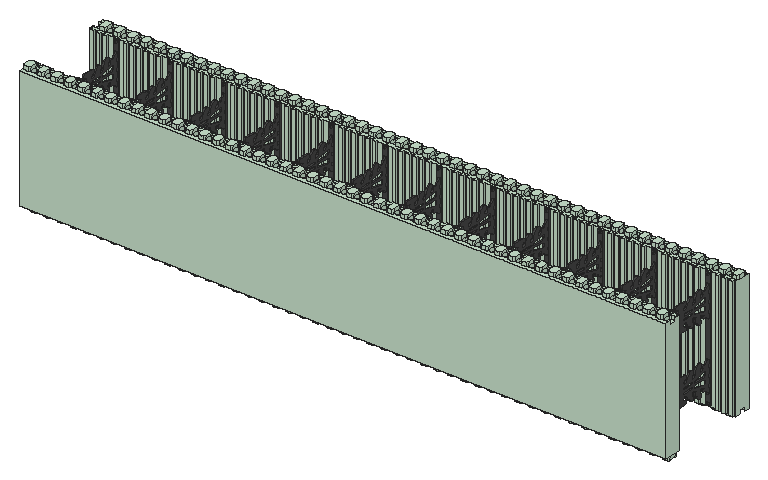
Revit family (continued)
Forms (mm)
  Extrusion 108, void
    sketch origin (558.8, -50.718, 0) x (-1, 0, 0) y (0, -1, 0)
      loop
        line (25.4, 124.411) -> (25.4, 101.014)
        arc (25.4, 101.014) -> (26.615, 97.278) -> (29.796, 94.972) r 6.35
        arc (29.796, 94.972) -> (36.091, 93.737) -> (42.5, 94.024) r 26.988
        arc (42.5, 94.024) -> (43.786, 93.668) -> (44.346, 92.457) r 1.587
        line (44.346, 92.457) -> (44.346, 86.829) -> (48.685, 86.829) -> (48.685, 95.62)
        arc (48.685, 95.62) -> (48.795, 96.199) -> (49.108, 96.698) r 1.588
        arc (49.108, 96.698) -> (50.362, 98.696) -> (50.8, 101.014) r 6.35
        line (50.8, 101.014) -> (50.8, 124.411)
        arc (50.8, 124.411) -> (49.585, 128.147) -> (46.404, 130.453) r 6.35
        arc (46.404, 130.453) -> (38.1, 131.763) -> (29.796, 130.453) r 26.987
        arc (29.796, 130.453) -> (26.615, 128.147) -> (25.4, 124.411) r 6.35
    from 0 to 12.7
  Extrusion 109, void
    sketch origin (609.6, -50.718, 0) x (-1, 0, 0) y (0, -1, 0)
      loop
        line (25.4, 124.411) -> (25.4, 101.014)
        arc (25.4, 101.014) -> (26.615, 97.278) -> (29.796, 94.972) r 6.35
        arc (29.796, 94.972) -> (36.091, 93.737) -> (42.5, 94.024) r 26.988
        arc (42.5, 94.024) -> (43.786, 93.668) -> (44.346, 92.457) r 1.587
        line (44.346, 92.457) -> (44.346, 86.829) -> (48.685, 86.829) -> (48.685, 95.62)
        arc (48.685, 95.62) -> (48.795, 96.199) -> (49.108, 96.698) r 1.588
        arc (49.108, 96.698) -> (50.362, 98.696) -> (50.8, 101.014) r 6.35
        line (50.8, 101.014) -> (50.8, 124.411)
        arc (50.8, 124.411) -> (49.585, 128.147) -> (46.404, 130.453) r 6.35
        arc (46.404, 130.453) -> (38.1, 131.763) -> (29.796, 130.453) r 26.987
        arc (29.796, 130.453) -> (26.615, 128.147) -> (25.4, 124.411) r 6.35
    from 0 to 12.7
  Extrusion 110, void
    sketch origin (660.4, -50.718, 0) x (-1, 0, 0) y (0, -1, 0)
      loop
        line (25.4, 124.411) -> (25.4, 101.014)
        arc (25.4, 101.014) -> (26.615, 97.278) -> (29.796, 94.972) r 6.35
        arc (29.796, 94.972) -> (36.091, 93.737) -> (42.5, 94.024) r 26.988
        arc (42.5, 94.024) -> (43.786, 93.668) -> (44.346, 92.457) r 1.587
        line (44.346, 92.457) -> (44.346, 86.829) -> (48.685, 86.829) -> (48.685, 95.62)
        arc (48.685, 95.62) -> (48.795, 96.199) -> (49.108, 96.698) r 1.588
        arc (49.108, 96.698) -> (50.362, 98.696) -> (50.8, 101.014) r 6.35
        line (50.8, 101.014) -> (50.8, 124.411)
        arc (50.8, 124.411) -> (49.585, 128.147) -> (46.404, 130.453) r 6.35
        arc (46.404, 130.453) -> (38.1, 131.763) -> (29.796, 130.453) r 26.987
        arc (29.796, 130.453) -> (26.615, 128.147) -> (25.4, 124.411) r 6.35
    from 0 to 12.7
  Extrusion 111, void
    sketch origin (711.2, -50.718, 0) x (-1, 0, 0) y (0, -1, 0)
      loop
        line (25.4, 124.411) -> (25.4, 101.014)
        arc (25.4, 101.014) -> (26.615, 97.278) -> (29.796, 94.972) r 6.35
        arc (29.796, 94.972) -> (36.091, 93.737) -> (42.5, 94.024) r 26.988
        arc (42.5, 94.024) -> (43.786, 93.668) -> (44.346, 92.457) r 1.587
        line (44.346, 92.457) -> (44.346, 86.829) -> (48.685, 86.829) -> (48.685, 95.62)
        arc (48.685, 95.62) -> (48.795, 96.199) -> (49.108, 96.698) r 1.588
        arc (49.108, 96.698) -> (50.362, 98.696) -> (50.8, 101.014) r 6.35
        line (50.8, 101.014) -> (50.8, 124.411)
        arc (50.8, 124.411) -> (49.585, 128.147) -> (46.404, 130.453) r 6.35
        arc (46.404, 130.453) -> (38.1, 131.763) -> (29.796, 130.453) r 26.987
        arc (29.796, 130.453) -> (26.615, 128.147) -> (25.4, 124.411) r 6.35
    from 0 to 12.7
  Extrusion 112, void
    sketch origin (762, -50.718, 0) x (-1, 0, 0) y (0, -1, 0)
      loop
        line (25.4, 124.411) -> (25.4, 101.014)
        arc (25.4, 101.014) -> (26.615, 97.278) -> (29.796, 94.972) r 6.35
        arc (29.796, 94.972) -> (36.091, 93.737) -> (42.5, 94.024) r 26.988
        arc (42.5, 94.024) -> (43.786, 93.668) -> (44.346, 92.457) r 1.587
        line (44.346, 92.457) -> (44.346, 86.829) -> (48.685, 86.829) -> (48.685, 95.62)
        arc (48.685, 95.62) -> (48.795, 96.199) -> (49.108, 96.698) r 1.588
        arc (49.108, 96.698) -> (50.362, 98.696) -> (50.8, 101.014) r 6.35
        line (50.8, 101.014) -> (50.8, 124.411)
        arc (50.8, 124.411) -> (49.585, 128.147) -> (46.404, 130.453) r 6.35
        arc (46.404, 130.453) -> (38.1, 131.763) -> (29.796, 130.453) r 26.987
        arc (29.796, 130.453) -> (26.615, 128.147) -> (25.4, 124.411) r 6.35
    from 0 to 12.7
  Extrusion 113, void
    sketch origin (812.8, -50.718, 0) x (-1, 0, 0) y (0, -1, 0)
      loop
        line (25.4, 124.411) -> (25.4, 101.014)
        arc (25.4, 101.014) -> (26.615, 97.278) -> (29.796, 94.972) r 6.35
        arc (29.796, 94.972) -> (36.091, 93.737) -> (42.5, 94.024) r 26.988
        arc (42.5, 94.024) -> (43.786, 93.668) -> (44.346, 92.457) r 1.587
        line (44.346, 92.457) -> (44.346, 86.829) -> (48.685, 86.829) -> (48.685, 95.62)
        arc (48.685, 95.62) -> (48.795, 96.199) -> (49.108, 96.698) r 1.588
        arc (49.108, 96.698) -> (50.362, 98.696) -> (50.8, 101.014) r 6.35
        line (50.8, 101.014) -> (50.8, 124.411)
        arc (50.8, 124.411) -> (49.585, 128.147) -> (46.404, 130.453) r 6.35
        arc (46.404, 130.453) -> (38.1, 131.763) -> (29.796, 130.453) r 26.987
        arc (29.796, 130.453) -> (26.615, 128.147) -> (25.4, 124.411) r 6.35
    from 0 to 12.7
  Extrusion 114, void
    sketch origin (863.6, -50.718, 0) x (-1, 0, 0) y (0, -1, 0)
      loop
        line (25.4, 124.411) -> (25.4, 101.014)
        arc (25.4, 101.014) -> (26.615, 97.278) -> (29.796, 94.972) r 6.35
        arc (29.796, 94.972) -> (36.091, 93.737) -> (42.5, 94.024) r 26.988
        arc (42.5, 94.024) -> (43.786, 93.668) -> (44.346, 92.457) r 1.587
        line (44.346, 92.457) -> (44.346, 86.829) -> (48.685, 86.829) -> (48.685, 95.62)
        arc (48.685, 95.62) -> (48.795, 96.199) -> (49.108, 96.698) r 1.588
        arc (49.108, 96.698) -> (50.362, 98.696) -> (50.8, 101.014) r 6.35
        line (50.8, 101.014) -> (50.8, 124.411)
        arc (50.8, 124.411) -> (49.585, 128.147) -> (46.404, 130.453) r 6.35
        arc (46.404, 130.453) -> (38.1, 131.763) -> (29.796, 130.453) r 26.987
        arc (29.796, 130.453) -> (26.615, 128.147) -> (25.4, 124.411) r 6.35
    from 0 to 12.7
  Extrusion 115, void
    sketch origin (914.4, -50.718, 0) x (-1, 0, 0) y (0, -1, 0)
      loop
        line (25.4, 124.411) -> (25.4, 101.014)
        arc (25.4, 101.014) -> (26.615, 97.278) -> (29.796, 94.972) r 6.35
        arc (29.796, 94.972) -> (36.091, 93.737) -> (42.5, 94.024) r 26.988
        arc (42.5, 94.024) -> (43.786, 93.668) -> (44.346, 92.457) r 1.587
        line (44.346, 92.457) -> (44.346, 86.829) -> (48.685, 86.829) -> (48.685, 95.62)
        arc (48.685, 95.62) -> (48.795, 96.199) -> (49.108, 96.698) r 1.588
        arc (49.108, 96.698) -> (50.362, 98.696) -> (50.8, 101.014) r 6.35
        line (50.8, 101.014) -> (50.8, 124.411)
        arc (50.8, 124.411) -> (49.585, 128.147) -> (46.404, 130.453) r 6.35
        arc (46.404, 130.453) -> (38.1, 131.763) -> (29.796, 130.453) r 26.987
        arc (29.796, 130.453) -> (26.615, 128.147) -> (25.4, 124.411) r 6.35
    from 0 to 12.7
  Extrusion 116, void
    sketch origin (965.2, -50.718, 0) x (-1, 0, 0) y (0, -1, 0)
      loop
        line (25.4, 124.411) -> (25.4, 101.014)
        arc (25.4, 101.014) -> (26.615, 97.278) -> (29.796, 94.972) r 6.35
        arc (29.796, 94.972) -> (36.091, 93.737) -> (42.5, 94.024) r 26.988
        arc (42.5, 94.024) -> (43.786, 93.668) -> (44.346, 92.457) r 1.587
        line (44.346, 92.457) -> (44.346, 86.829) -> (48.685, 86.829) -> (48.685, 95.62)
        arc (48.685, 95.62) -> (48.795, 96.199) -> (49.108, 96.698) r 1.588
        arc (49.108, 96.698) -> (50.362, 98.696) -> (50.8, 101.014) r 6.35
        line (50.8, 101.014) -> (50.8, 124.411)
        arc (50.8, 124.411) -> (49.585, 128.147) -> (46.404, 130.453) r 6.35
        arc (46.404, 130.453) -> (38.1, 131.763) -> (29.796, 130.453) r 26.987
        arc (29.796, 130.453) -> (26.615, 128.147) -> (25.4, 124.411) r 6.35
    from 0 to 12.7
  Extrusion 117, void
    sketch origin (1016, -50.718, 0) x (-1, 0, 0) y (0, -1, 0)
      loop
        line (25.4, 124.411) -> (25.4, 101.014)
        arc (25.4, 101.014) -> (26.615, 97.278) -> (29.796, 94.972) r 6.35
        arc (29.796, 94.972) -> (36.091, 93.737) -> (42.5, 94.024) r 26.988
        arc (42.5, 94.024) -> (43.786, 93.668) -> (44.346, 92.457) r 1.587
        line (44.346, 92.457) -> (44.346, 86.829) -> (48.685, 86.829) -> (48.685, 95.62)
        arc (48.685, 95.62) -> (48.795, 96.199) -> (49.108, 96.698) r 1.588
        arc (49.108, 96.698) -> (50.362, 98.696) -> (50.8, 101.014) r 6.35
        line (50.8, 101.014) -> (50.8, 124.411)
        arc (50.8, 124.411) -> (49.585, 128.147) -> (46.404, 130.453) r 6.35
        arc (46.404, 130.453) -> (38.1, 131.763) -> (29.796, 130.453) r 26.987
        arc (29.796, 130.453) -> (26.615, 128.147) -> (25.4, 124.411) r 6.35
    from 0 to 12.7
  Extrusion 118, void
    sketch origin (1066.8, -50.718, 0) x (-1, 0, 0) y (0, -1, 0)
      loop
        line (25.4, 124.411) -> (25.4, 101.014)
        arc (25.4, 101.014) -> (26.615, 97.278) -> (29.796, 94.972) r 6.35
        arc (29.796, 94.972) -> (36.091, 93.737) -> (42.5, 94.024) r 26.988
        arc (42.5, 94.024) -> (43.786, 93.668) -> (44.346, 92.457) r 1.587
        line (44.346, 92.457) -> (44.346, 86.829) -> (48.685, 86.829) -> (48.685, 95.62)
        arc (48.685, 95.62) -> (48.795, 96.199) -> (49.108, 96.698) r 1.588
        arc (49.108, 96.698) -> (50.362, 98.696) -> (50.8, 101.014) r 6.35
        line (50.8, 101.014) -> (50.8, 124.411)
        arc (50.8, 124.411) -> (49.585, 128.147) -> (46.404, 130.453) r 6.35
        arc (46.404, 130.453) -> (38.1, 131.763) -> (29.796, 130.453) r 26.987
        arc (29.796, 130.453) -> (26.615, 128.147) -> (25.4, 124.411) r 6.35
    from 0 to 12.7
  Extrusion 119, void
    sketch origin (1117.6, -50.718, 0) x (-1, 0, 0) y (0, -1, 0)
      loop
        line (25.4, 124.411) -> (25.4, 101.014)
        arc (25.4, 101.014) -> (26.615, 97.278) -> (29.796, 94.972) r 6.35
        arc (29.796, 94.972) -> (36.091, 93.737) -> (42.5, 94.024) r 26.988
        arc (42.5, 94.024) -> (43.786, 93.668) -> (44.346, 92.457) r 1.587
        line (44.346, 92.457) -> (44.346, 86.829) -> (48.685, 86.829) -> (48.685, 95.62)
        arc (48.685, 95.62) -> (48.795, 96.199) -> (49.108, 96.698) r 1.588
        arc (49.108, 96.698) -> (50.362, 98.696) -> (50.8, 101.014) r 6.35
        line (50.8, 101.014) -> (50.8, 124.411)
        arc (50.8, 124.411) -> (49.585, 128.147) -> (46.404, 130.453) r 6.35
        arc (46.404, 130.453) -> (38.1, 131.763) -> (29.796, 130.453) r 26.987
        arc (29.796, 130.453) -> (26.615, 128.147) -> (25.4, 124.411) r 6.35
    from 0 to 12.7
  Extrusion 120, void
    sketch origin (1168.4, -50.718, 0) x (-1, 0, 0) y (0, -1, 0)
      loop
        line (25.4, 124.411) -> (25.4, 101.014)
        arc (25.4, 101.014) -> (26.615, 97.278) -> (29.796, 94.972) r 6.35
        arc (29.796, 94.972) -> (36.091, 93.737) -> (42.5, 94.024) r 26.988
        arc (42.5, 94.024) -> (43.786, 93.668) -> (44.346, 92.457) r 1.587
        line (44.346, 92.457) -> (44.346, 86.829) -> (48.685, 86.829) -> (48.685, 95.62)
        arc (48.685, 95.62) -> (48.795, 96.199) -> (49.108, 96.698) r 1.588
        arc (49.108, 96.698) -> (50.362, 98.696) -> (50.8, 101.014) r 6.35
        line (50.8, 101.014) -> (50.8, 124.411)
        arc (50.8, 124.411) -> (49.585, 128.147) -> (46.404, 130.453) r 6.35
        arc (46.404, 130.453) -> (38.1, 131.763) -> (29.796, 130.453) r 26.987
        arc (29.796, 130.453) -> (26.615, 128.147) -> (25.4, 124.411) r 6.35
    from 0 to 12.7
  Extrusion 121, void
    sketch origin (1219.2, -50.718, 0) x (-1, 0, 0) y (0, -1, 0)
      loop
        line (25.4, 124.411) -> (25.4, 101.014)
        arc (25.4, 101.014) -> (26.615, 97.278) -> (29.796, 94.972) r 6.35
        arc (29.796, 94.972) -> (36.091, 93.737) -> (42.5, 94.024) r 26.988
        arc (42.5, 94.024) -> (43.786, 93.668) -> (44.346, 92.457) r 1.587
        line (44.346, 92.457) -> (44.346, 86.829) -> (48.685, 86.829) -> (48.685, 95.62)
        arc (48.685, 95.62) -> (48.795, 96.199) -> (49.108, 96.698) r 1.588
        arc (49.108, 96.698) -> (50.362, 98.696) -> (50.8, 101.014) r 6.35
        line (50.8, 101.014) -> (50.8, 124.411)
        arc (50.8, 124.411) -> (49.585, 128.147) -> (46.404, 130.453) r 6.35
        arc (46.404, 130.453) -> (38.1, 131.763) -> (29.796, 130.453) r 26.987
        arc (29.796, 130.453) -> (26.615, 128.147) -> (25.4, 124.411) r 6.35
    from 0 to 12.7
  Extrusion 122, void
    sketch origin (1270, -50.718, 0) x (-1, 0, 0) y (0, -1, 0)
      loop
        line (25.4, 124.411) -> (25.4, 101.014)
        arc (25.4, 101.014) -> (26.615, 97.278) -> (29.796, 94.972) r 6.35
        arc (29.796, 94.972) -> (36.091, 93.737) -> (42.5, 94.024) r 26.988
        arc (42.5, 94.024) -> (43.786, 93.668) -> (44.346, 92.457) r 1.587
        line (44.346, 92.457) -> (44.346, 86.829) -> (48.685, 86.829) -> (48.685, 95.62)
        arc (48.685, 95.62) -> (48.795, 96.199) -> (49.108, 96.698) r 1.588
        arc (49.108, 96.698) -> (50.362, 98.696) -> (50.8, 101.014) r 6.35
        line (50.8, 101.014) -> (50.8, 124.411)
        arc (50.8, 124.411) -> (49.585, 128.147) -> (46.404, 130.453) r 6.35
        arc (46.404, 130.453) -> (38.1, 131.763) -> (29.796, 130.453) r 26.987
        arc (29.796, 130.453) -> (26.615, 128.147) -> (25.4, 124.411) r 6.35
    from 0 to 12.7
  Extrusion 123, void
    sketch origin (1320.8, -50.718, 0) x (-1, 0, 0) y (0, -1, 0)
      loop
        line (25.4, 124.411) -> (25.4, 101.014)
        arc (25.4, 101.014) -> (26.615, 97.278) -> (29.796, 94.972) r 6.35
        arc (29.796, 94.972) -> (36.091, 93.737) -> (42.5, 94.024) r 26.988
        arc (42.5, 94.024) -> (43.786, 93.668) -> (44.346, 92.457) r 1.587
        line (44.346, 92.457) -> (44.346, 86.829) -> (48.685, 86.829) -> (48.685, 95.62)
        arc (48.685, 95.62) -> (48.795, 96.199) -> (49.108, 96.698) r 1.588
        arc (49.108, 96.698) -> (50.362, 98.696) -> (50.8, 101.014) r 6.35
        line (50.8, 101.014) -> (50.8, 124.411)
        arc (50.8, 124.411) -> (49.585, 128.147) -> (46.404, 130.453) r 6.35
        arc (46.404, 130.453) -> (38.1, 131.763) -> (29.796, 130.453) r 26.987
        arc (29.796, 130.453) -> (26.615, 128.147) -> (25.4, 124.411) r 6.35
    from 0 to 12.7
  Extrusion 124, void
    sketch origin (1371.6, -50.718, 0) x (-1, 0, 0) y (0, -1, 0)
      loop
        line (25.4, 124.411) -> (25.4, 101.014)
        arc (25.4, 101.014) -> (26.615, 97.278) -> (29.796, 94.972) r 6.35
        arc (29.796, 94.972) -> (36.091, 93.737) -> (42.5, 94.024) r 26.988
        arc (42.5, 94.024) -> (43.786, 93.668) -> (44.346, 92.457) r 1.587
        line (44.346, 92.457) -> (44.346, 86.829) -> (48.685, 86.829) -> (48.685, 95.62)
        arc (48.685, 95.62) -> (48.795, 96.199) -> (49.108, 96.698) r 1.588
        arc (49.108, 96.698) -> (50.362, 98.696) -> (50.8, 101.014) r 6.35
        line (50.8, 101.014) -> (50.8, 124.411)
        arc (50.8, 124.411) -> (49.585, 128.147) -> (46.404, 130.453) r 6.35
        arc (46.404, 130.453) -> (38.1, 131.763) -> (29.796, 130.453) r 26.987
        arc (29.796, 130.453) -> (26.615, 128.147) -> (25.4, 124.411) r 6.35
    from 0 to 12.7
  Extrusion 125, void
    sketch origin (1422.4, -50.718, 0) x (-1, 0, 0) y (0, -1, 0)
      loop
        line (25.4, 124.411) -> (25.4, 101.014)
        arc (25.4, 101.014) -> (26.615, 97.278) -> (29.796, 94.972) r 6.35
        arc (29.796, 94.972) -> (36.091, 93.737) -> (42.5, 94.024) r 26.988
        arc (42.5, 94.024) -> (43.786, 93.668) -> (44.346, 92.457) r 1.587
        line (44.346, 92.457) -> (44.346, 86.829) -> (48.685, 86.829) -> (48.685, 95.62)
        arc (48.685, 95.62) -> (48.795, 96.199) -> (49.108, 96.698) r 1.588
        arc (49.108, 96.698) -> (50.362, 98.696) -> (50.8, 101.014) r 6.35
        line (50.8, 101.014) -> (50.8, 124.411)
        arc (50.8, 124.411) -> (49.585, 128.147) -> (46.404, 130.453) r 6.35
        arc (46.404, 130.453) -> (38.1, 131.763) -> (29.796, 130.453) r 26.987
        arc (29.796, 130.453) -> (26.615, 128.147) -> (25.4, 124.411) r 6.35
    from 0 to 12.7
  Extrusion 126, void
    sketch origin (1473.2, -50.718, 0) x (-1, 0, 0) y (0, -1, 0)
      loop
        line (25.4, 124.411) -> (25.4, 101.014)
        arc (25.4, 101.014) -> (26.615, 97.278) -> (29.796, 94.972) r 6.35
        arc (29.796, 94.972) -> (36.091, 93.737) -> (42.5, 94.024) r 26.988
        arc (42.5, 94.024) -> (43.786, 93.668) -> (44.346, 92.457) r 1.587
        line (44.346, 92.457) -> (44.346, 86.829) -> (48.685, 86.829) -> (48.685, 95.62)
        arc (48.685, 95.62) -> (48.795, 96.199) -> (49.108, 96.698) r 1.588
        arc (49.108, 96.698) -> (50.362, 98.696) -> (50.8, 101.014) r 6.35
        line (50.8, 101.014) -> (50.8, 124.411)
        arc (50.8, 124.411) -> (49.585, 128.147) -> (46.404, 130.453) r 6.35
        arc (46.404, 130.453) -> (38.1, 131.763) -> (29.796, 130.453) r 26.987
        arc (29.796, 130.453) -> (26.615, 128.147) -> (25.4, 124.411) r 6.35
    from 0 to 12.7
  Extrusion 127, void
    sketch origin (1524, -50.718, 0) x (-1, 0, 0) y (0, -1, 0)
      loop
        line (25.4, 124.411) -> (25.4, 101.014)
        arc (25.4, 101.014) -> (26.615, 97.278) -> (29.796, 94.972) r 6.35
        arc (29.796, 94.972) -> (36.091, 93.737) -> (42.5, 94.024) r 26.988
        arc (42.5, 94.024) -> (43.786, 93.668) -> (44.346, 92.457) r 1.587
        line (44.346, 92.457) -> (44.346, 86.829) -> (48.685, 86.829) -> (48.685, 95.62)
        arc (48.685, 95.62) -> (48.795, 96.199) -> (49.108, 96.698) r 1.588
        arc (49.108, 96.698) -> (50.362, 98.696) -> (50.8, 101.014) r 6.35
        line (50.8, 101.014) -> (50.8, 124.411)
        arc (50.8, 124.411) -> (49.585, 128.147) -> (46.404, 130.453) r 6.35
        arc (46.404, 130.453) -> (38.1, 131.763) -> (29.796, 130.453) r 26.987
        arc (29.796, 130.453) -> (26.615, 128.147) -> (25.4, 124.411) r 6.35
    from 0 to 12.7
  Extrusion 128, void
    sketch origin (1574.8, -50.718, 0) x (-1, 0, 0) y (0, -1, 0)
      loop
        line (25.4, 124.411) -> (25.4, 101.014)
        arc (25.4, 101.014) -> (26.615, 97.278) -> (29.796, 94.972) r 6.35
        arc (29.796, 94.972) -> (36.091, 93.737) -> (42.5, 94.024) r 26.988
        arc (42.5, 94.024) -> (43.786, 93.668) -> (44.346, 92.457) r 1.587
        line (44.346, 92.457) -> (44.346, 86.829) -> (48.685, 86.829) -> (48.685, 95.62)
        arc (48.685, 95.62) -> (48.795, 96.199) -> (49.108, 96.698) r 1.588
        arc (49.108, 96.698) -> (50.362, 98.696) -> (50.8, 101.014) r 6.35
        line (50.8, 101.014) -> (50.8, 124.411)
        arc (50.8, 124.411) -> (49.585, 128.147) -> (46.404, 130.453) r 6.35
        arc (46.404, 130.453) -> (38.1, 131.763) -> (29.796, 130.453) r 26.987
        arc (29.796, 130.453) -> (26.615, 128.147) -> (25.4, 124.411) r 6.35
    from 0 to 12.7
  Extrusion 129, void
    sketch origin (1625.6, -50.718, 0) x (-1, 0, 0) y (0, -1, 0)
      loop
        line (25.4, 124.411) -> (25.4, 101.014)
        arc (25.4, 101.014) -> (26.615, 97.278) -> (29.796, 94.972) r 6.35
        arc (29.796, 94.972) -> (36.091, 93.737) -> (42.5, 94.024) r 26.988
        arc (42.5, 94.024) -> (43.786, 93.668) -> (44.346, 92.457) r 1.587
        line (44.346, 92.457) -> (44.346, 86.829) -> (48.685, 86.829) -> (48.685, 95.62)
        arc (48.685, 95.62) -> (48.795, 96.199) -> (49.108, 96.698) r 1.588
        arc (49.108, 96.698) -> (50.362, 98.696) -> (50.8, 101.014) r 6.35
        line (50.8, 101.014) -> (50.8, 124.411)
        arc (50.8, 124.411) -> (49.585, 128.147) -> (46.404, 130.453) r 6.35
        arc (46.404, 130.453) -> (38.1, 131.763) -> (29.796, 130.453) r 26.987
        arc (29.796, 130.453) -> (26.615, 128.147) -> (25.4, 124.411) r 6.35
    from 0 to 12.7
  Extrusion 130, void
    sketch origin (1676.4, -50.718, 0) x (-1, 0, 0) y (0, -1, 0)
      loop
        line (25.4, 124.411) -> (25.4, 101.014)
        arc (25.4, 101.014) -> (26.615, 97.278) -> (29.796, 94.972) r 6.35
        arc (29.796, 94.972) -> (36.091, 93.737) -> (42.5, 94.024) r 26.988
        arc (42.5, 94.024) -> (43.786, 93.668) -> (44.346, 92.457) r 1.587
        line (44.346, 92.457) -> (44.346, 86.829) -> (48.685, 86.829) -> (48.685, 95.62)
        arc (48.685, 95.62) -> (48.795, 96.199) -> (49.108, 96.698) r 1.588
        arc (49.108, 96.698) -> (50.362, 98.696) -> (50.8, 101.014) r 6.35
        line (50.8, 101.014) -> (50.8, 124.411)
        arc (50.8, 124.411) -> (49.585, 128.147) -> (46.404, 130.453) r 6.35
        arc (46.404, 130.453) -> (38.1, 131.763) -> (29.796, 130.453) r 26.987
        arc (29.796, 130.453) -> (26.615, 128.147) -> (25.4, 124.411) r 6.35
    from 0 to 12.7
  Extrusion 131, void
    sketch origin (1727.2, -50.718, 0) x (-1, 0, 0) y (0, -1, 0)
      loop
        line (25.4, 124.411) -> (25.4, 101.014)
        arc (25.4, 101.014) -> (26.615, 97.278) -> (29.796, 94.972) r 6.35
        arc (29.796, 94.972) -> (36.091, 93.737) -> (42.5, 94.024) r 26.988
        arc (42.5, 94.024) -> (43.786, 93.668) -> (44.346, 92.457) r 1.587
        line (44.346, 92.457) -> (44.346, 86.829) -> (48.685, 86.829) -> (48.685, 95.62)
        arc (48.685, 95.62) -> (48.795, 96.199) -> (49.108, 96.698) r 1.588
        arc (49.108, 96.698) -> (50.362, 98.696) -> (50.8, 101.014) r 6.35
        line (50.8, 101.014) -> (50.8, 124.411)
        arc (50.8, 124.411) -> (49.585, 128.147) -> (46.404, 130.453) r 6.35
        arc (46.404, 130.453) -> (38.1, 131.763) -> (29.796, 130.453) r 26.987
        arc (29.796, 130.453) -> (26.615, 128.147) -> (25.4, 124.411) r 6.35
    from 0 to 12.7
  Extrusion 132, void
    sketch origin (1778, -50.718, 0) x (-1, 0, 0) y (0, -1, 0)
      loop
        line (25.4, 124.411) -> (25.4, 101.014)
        arc (25.4, 101.014) -> (26.615, 97.278) -> (29.796, 94.972) r 6.35
        arc (29.796, 94.972) -> (36.091, 93.737) -> (42.5, 94.024) r 26.988
        arc (42.5, 94.024) -> (43.786, 93.668) -> (44.346, 92.457) r 1.587
        line (44.346, 92.457) -> (44.346, 86.829) -> (48.685, 86.829) -> (48.685, 95.62)
        arc (48.685, 95.62) -> (48.795, 96.199) -> (49.108, 96.698) r 1.588
        arc (49.108, 96.698) -> (50.362, 98.696) -> (50.8, 101.014) r 6.35
        line (50.8, 101.014) -> (50.8, 124.411)
        arc (50.8, 124.411) -> (49.585, 128.147) -> (46.404, 130.453) r 6.35
        arc (46.404, 130.453) -> (38.1, 131.763) -> (29.796, 130.453) r 26.987
        arc (29.796, 130.453) -> (26.615, 128.147) -> (25.4, 124.411) r 6.35
    from 0 to 12.7
  Extrusion 133, void
    sketch origin (1828.8, -50.718, 0) x (-1, 0, 0) y (0, -1, 0)
      loop
        line (25.4, 124.411) -> (25.4, 101.014)
        arc (25.4, 101.014) -> (26.615, 97.278) -> (29.796, 94.972) r 6.35
        arc (29.796, 94.972) -> (36.091, 93.737) -> (42.5, 94.024) r 26.988
        arc (42.5, 94.024) -> (43.786, 93.668) -> (44.346, 92.457) r 1.587
        line (44.346, 92.457) -> (44.346, 86.829) -> (48.685, 86.829) -> (48.685, 95.62)
        arc (48.685, 95.62) -> (48.795, 96.199) -> (49.108, 96.698) r 1.588
        arc (49.108, 96.698) -> (50.362, 98.696) -> (50.8, 101.014) r 6.35
        line (50.8, 101.014) -> (50.8, 124.411)
        arc (50.8, 124.411) -> (49.585, 128.147) -> (46.404, 130.453) r 6.35
        arc (46.404, 130.453) -> (38.1, 131.763) -> (29.796, 130.453) r 26.987
        arc (29.796, 130.453) -> (26.615, 128.147) -> (25.4, 124.411) r 6.35
    from 0 to 12.7
  Extrusion 134, void
    sketch origin (1879.6, -50.718, 0) x (-1, 0, 0) y (0, -1, 0)
      loop
        line (25.4, 124.411) -> (25.4, 101.014)
        arc (25.4, 101.014) -> (26.615, 97.278) -> (29.796, 94.972) r 6.35
        arc (29.796, 94.972) -> (36.091, 93.737) -> (42.5, 94.024) r 26.988
        arc (42.5, 94.024) -> (43.786, 93.668) -> (44.346, 92.457) r 1.587
        line (44.346, 92.457) -> (44.346, 86.829) -> (48.685, 86.829) -> (48.685, 95.62)
        arc (48.685, 95.62) -> (48.795, 96.199) -> (49.108, 96.698) r 1.588
        arc (49.108, 96.698) -> (50.362, 98.696) -> (50.8, 101.014) r 6.35
        line (50.8, 101.014) -> (50.8, 124.411)
        arc (50.8, 124.411) -> (49.585, 128.147) -> (46.404, 130.453) r 6.35
        arc (46.404, 130.453) -> (38.1, 131.763) -> (29.796, 130.453) r 26.987
        arc (29.796, 130.453) -> (26.615, 128.147) -> (25.4, 124.411) r 6.35
    from 0 to 12.7
  Extrusion 135, void
    sketch origin (1930.4, -50.718, 0) x (-1, 0, 0) y (0, -1, 0)
      loop
        line (25.4, 124.411) -> (25.4, 101.014)
        arc (25.4, 101.014) -> (26.615, 97.278) -> (29.796, 94.972) r 6.35
        arc (29.796, 94.972) -> (36.091, 93.737) -> (42.5, 94.024) r 26.988
        arc (42.5, 94.024) -> (43.786, 93.668) -> (44.346, 92.457) r 1.587
        line (44.346, 92.457) -> (44.346, 86.829) -> (48.685, 86.829) -> (48.685, 95.62)
        arc (48.685, 95.62) -> (48.795, 96.199) -> (49.108, 96.698) r 1.588
        arc (49.108, 96.698) -> (50.362, 98.696) -> (50.8, 101.014) r 6.35
        line (50.8, 101.014) -> (50.8, 124.411)
        arc (50.8, 124.411) -> (49.585, 128.147) -> (46.404, 130.453) r 6.35
        arc (46.404, 130.453) -> (38.1, 131.763) -> (29.796, 130.453) r 26.987
        arc (29.796, 130.453) -> (26.615, 128.147) -> (25.4, 124.411) r 6.35
    from 0 to 12.7
  Extrusion 136, void
    sketch origin (1981.2, -50.718, 0) x (-1, 0, 0) y (0, -1, 0)
      loop
        line (25.4, 124.411) -> (25.4, 101.014)
        arc (25.4, 101.014) -> (26.615, 97.278) -> (29.796, 94.972) r 6.35
        arc (29.796, 94.972) -> (36.091, 93.737) -> (42.5, 94.024) r 26.988
        arc (42.5, 94.024) -> (43.786, 93.668) -> (44.346, 92.457) r 1.587
        line (44.346, 92.457) -> (44.346, 86.829) -> (48.685, 86.829) -> (48.685, 95.62)
        arc (48.685, 95.62) -> (48.795, 96.199) -> (49.108, 96.698) r 1.588
        arc (49.108, 96.698) -> (50.362, 98.696) -> (50.8, 101.014) r 6.35
        line (50.8, 101.014) -> (50.8, 124.411)
        arc (50.8, 124.411) -> (49.585, 128.147) -> (46.404, 130.453) r 6.35
        arc (46.404, 130.453) -> (38.1, 131.763) -> (29.796, 130.453) r 26.987
        arc (29.796, 130.453) -> (26.615, 128.147) -> (25.4, 124.411) r 6.35
    from 0 to 12.7
  Extrusion 137, void
    sketch origin (2032, -50.718, 0) x (-1, 0, 0) y (0, -1, 0)
      loop
        line (25.4, 124.411) -> (25.4, 101.014)
        arc (25.4, 101.014) -> (26.615, 97.278) -> (29.796, 94.972) r 6.35
        arc (29.796, 94.972) -> (36.091, 93.737) -> (42.5, 94.024) r 26.988
        arc (42.5, 94.024) -> (43.786, 93.668) -> (44.346, 92.457) r 1.587
        line (44.346, 92.457) -> (44.346, 86.829) -> (48.685, 86.829) -> (48.685, 95.62)
        arc (48.685, 95.62) -> (48.795, 96.199) -> (49.108, 96.698) r 1.588
        arc (49.108, 96.698) -> (50.362, 98.696) -> (50.8, 101.014) r 6.35
        line (50.8, 101.014) -> (50.8, 124.411)
        arc (50.8, 124.411) -> (49.585, 128.147) -> (46.404, 130.453) r 6.35
        arc (46.404, 130.453) -> (38.1, 131.763) -> (29.796, 130.453) r 26.987
        arc (29.796, 130.453) -> (26.615, 128.147) -> (25.4, 124.411) r 6.35
    from 0 to 12.7
  Extrusion 138, void
    sketch origin (2082.8, -50.718, 0) x (-1, 0, 0) y (0, -1, 0)
      loop
        line (25.4, 124.411) -> (25.4, 101.014)
        arc (25.4, 101.014) -> (26.615, 97.278) -> (29.796, 94.972) r 6.35
        arc (29.796, 94.972) -> (36.091, 93.737) -> (42.5, 94.024) r 26.988
        arc (42.5, 94.024) -> (43.786, 93.668) -> (44.346, 92.457) r 1.587
        line (44.346, 92.457) -> (44.346, 86.829) -> (48.685, 86.829) -> (48.685, 95.62)
        arc (48.685, 95.62) -> (48.795, 96.199) -> (49.108, 96.698) r 1.588
        arc (49.108, 96.698) -> (50.362, 98.696) -> (50.8, 101.014) r 6.35
        line (50.8, 101.014) -> (50.8, 124.411)
        arc (50.8, 124.411) -> (49.585, 128.147) -> (46.404, 130.453) r 6.35
        arc (46.404, 130.453) -> (38.1, 131.763) -> (29.796, 130.453) r 26.987
        arc (29.796, 130.453) -> (26.615, 128.147) -> (25.4, 124.411) r 6.35
    from 0 to 12.7
  Extrusion 139, void
    sketch origin (2133.6, -50.718, 0) x (-1, 0, 0) y (0, -1, 0)
      loop
        line (25.4, 124.411) -> (25.4, 101.014)
        arc (25.4, 101.014) -> (26.615, 97.278) -> (29.796, 94.972) r 6.35
        arc (29.796, 94.972) -> (36.091, 93.737) -> (42.5, 94.024) r 26.988
        arc (42.5, 94.024) -> (43.786, 93.668) -> (44.346, 92.457) r 1.587
        line (44.346, 92.457) -> (44.346, 86.829) -> (48.685, 86.829) -> (48.685, 95.62)
        arc (48.685, 95.62) -> (48.795, 96.199) -> (49.108, 96.698) r 1.588
        arc (49.108, 96.698) -> (50.362, 98.696) -> (50.8, 101.014) r 6.35
        line (50.8, 101.014) -> (50.8, 124.411)
        arc (50.8, 124.411) -> (49.585, 128.147) -> (46.404, 130.453) r 6.35
        arc (46.404, 130.453) -> (38.1, 131.763) -> (29.796, 130.453) r 26.987
        arc (29.796, 130.453) -> (26.615, 128.147) -> (25.4, 124.411) r 6.35
    from 0 to 12.7
  Extrusion 140, void
    sketch origin (2184.4, -50.718, 0) x (-1, 0, 0) y (0, -1, 0)
      loop
        line (25.4, 124.411) -> (25.4, 101.014)
        arc (25.4, 101.014) -> (26.615, 97.278) -> (29.796, 94.972) r 6.35
        arc (29.796, 94.972) -> (36.091, 93.737) -> (42.5, 94.024) r 26.988
        arc (42.5, 94.024) -> (43.786, 93.668) -> (44.346, 92.457) r 1.587
        line (44.346, 92.457) -> (44.346, 86.829) -> (48.685, 86.829) -> (48.685, 95.62)
        arc (48.685, 95.62) -> (48.795, 96.199) -> (49.108, 96.698) r 1.588
        arc (49.108, 96.698) -> (50.362, 98.696) -> (50.8, 101.014) r 6.35
        line (50.8, 101.014) -> (50.8, 124.411)
        arc (50.8, 124.411) -> (49.585, 128.147) -> (46.404, 130.453) r 6.35
        arc (46.404, 130.453) -> (38.1, 131.763) -> (29.796, 130.453) r 26.987
        arc (29.796, 130.453) -> (26.615, 128.147) -> (25.4, 124.411) r 6.35
    from 0 to 12.7
  Extrusion 141, void
    sketch origin (2235.2, -50.718, 0) x (-1, 0, 0) y (0, -1, 0)
      loop
        line (25.4, 124.411) -> (25.4, 101.014)
        arc (25.4, 101.014) -> (26.615, 97.278) -> (29.796, 94.972) r 6.35
        arc (29.796, 94.972) -> (36.091, 93.737) -> (42.5, 94.024) r 26.988
        arc (42.5, 94.024) -> (43.786, 93.668) -> (44.346, 92.457) r 1.587
        line (44.346, 92.457) -> (44.346, 86.829) -> (48.685, 86.829) -> (48.685, 95.62)
        arc (48.685, 95.62) -> (48.795, 96.199) -> (49.108, 96.698) r 1.588
        arc (49.108, 96.698) -> (50.362, 98.696) -> (50.8, 101.014) r 6.35
        line (50.8, 101.014) -> (50.8, 124.411)
        arc (50.8, 124.411) -> (49.585, 128.147) -> (46.404, 130.453) r 6.35
        arc (46.404, 130.453) -> (38.1, 131.763) -> (29.796, 130.453) r 26.987
        arc (29.796, 130.453) -> (26.615, 128.147) -> (25.4, 124.411) r 6.35
    from 0 to 12.7
  Extrusion 142, void
    sketch origin (2286, -50.718, 0) x (-1, 0, 0) y (0, -1, 0)
      loop
        line (25.4, 124.411) -> (25.4, 101.014)
        arc (25.4, 101.014) -> (26.615, 97.278) -> (29.796, 94.972) r 6.35
        arc (29.796, 94.972) -> (36.091, 93.737) -> (42.5, 94.024) r 26.988
        arc (42.5, 94.024) -> (43.786, 93.668) -> (44.346, 92.457) r 1.587
        line (44.346, 92.457) -> (44.346, 86.829) -> (48.685, 86.829) -> (48.685, 95.62)
        arc (48.685, 95.62) -> (48.795, 96.199) -> (49.108, 96.698) r 1.588
        arc (49.108, 96.698) -> (50.362, 98.696) -> (50.8, 101.014) r 6.35
        line (50.8, 101.014) -> (50.8, 124.411)
        arc (50.8, 124.411) -> (49.585, 128.147) -> (46.404, 130.453) r 6.35
        arc (46.404, 130.453) -> (38.1, 131.763) -> (29.796, 130.453) r 26.987
        arc (29.796, 130.453) -> (26.615, 128.147) -> (25.4, 124.411) r 6.35
    from 0 to 12.7
  Extrusion 143, void
    sketch origin (2336.8, -50.718, 0) x (-1, 0, 0) y (0, -1, 0)
      loop
        line (25.4, 124.411) -> (25.4, 101.014)
        arc (25.4, 101.014) -> (26.615, 97.278) -> (29.796, 94.972) r 6.35
        arc (29.796, 94.972) -> (36.091, 93.737) -> (42.5, 94.024) r 26.988
        arc (42.5, 94.024) -> (43.786, 93.668) -> (44.346, 92.457) r 1.587
        line (44.346, 92.457) -> (44.346, 86.829) -> (48.685, 86.829) -> (48.685, 95.62)
        arc (48.685, 95.62) -> (48.795, 96.199) -> (49.108, 96.698) r 1.588
        arc (49.108, 96.698) -> (50.362, 98.696) -> (50.8, 101.014) r 6.35
        line (50.8, 101.014) -> (50.8, 124.411)
        arc (50.8, 124.411) -> (49.585, 128.147) -> (46.404, 130.453) r 6.35
        arc (46.404, 130.453) -> (38.1, 131.763) -> (29.796, 130.453) r 26.987
        arc (29.796, 130.453) -> (26.615, 128.147) -> (25.4, 124.411) r 6.35
    from 0 to 12.7
  Extrusion 144, void
    sketch origin (2387.6, -50.718, 0) x (-1, 0, 0) y (0, -1, 0)
      loop
        line (25.4, 124.411) -> (25.4, 101.014)
        arc (25.4, 101.014) -> (26.615, 97.278) -> (29.796, 94.972) r 6.35
        arc (29.796, 94.972) -> (36.091, 93.737) -> (42.5, 94.024) r 26.988
        arc (42.5, 94.024) -> (43.786, 93.668) -> (44.346, 92.457) r 1.587
        line (44.346, 92.457) -> (44.346, 86.829) -> (48.685, 86.829) -> (48.685, 95.62)
        arc (48.685, 95.62) -> (48.795, 96.199) -> (49.108, 96.698) r 1.588
        arc (49.108, 96.698) -> (50.362, 98.696) -> (50.8, 101.014) r 6.35
        line (50.8, 101.014) -> (50.8, 124.411)
        arc (50.8, 124.411) -> (49.585, 128.147) -> (46.404, 130.453) r 6.35
        arc (46.404, 130.453) -> (38.1, 131.763) -> (29.796, 130.453) r 26.987
        arc (29.796, 130.453) -> (26.615, 128.147) -> (25.4, 124.411) r 6.35
    from 0 to 12.7
  Extrusion 145, void
    sketch origin (2438.4, -50.718, 0) x (-1, 0, 0) y (0, -1, 0)
      loop
        line (25.4, 124.411) -> (25.4, 101.014)
        arc (25.4, 101.014) -> (26.615, 97.278) -> (29.796, 94.972) r 6.35
        arc (29.796, 94.972) -> (36.091, 93.737) -> (42.5, 94.024) r 26.988
        arc (42.5, 94.024) -> (43.786, 93.668) -> (44.346, 92.457) r 1.587
        line (44.346, 92.457) -> (44.346, 86.829) -> (48.685, 86.829) -> (48.685, 95.62)
        arc (48.685, 95.62) -> (48.795, 96.199) -> (49.108, 96.698) r 1.588
        arc (49.108, 96.698) -> (50.362, 98.696) -> (50.8, 101.014) r 6.35
        line (50.8, 101.014) -> (50.8, 124.411)
        arc (50.8, 124.411) -> (49.585, 128.147) -> (46.404, 130.453) r 6.35
        arc (46.404, 130.453) -> (38.1, 131.763) -> (29.796, 130.453) r 26.987
        arc (29.796, 130.453) -> (26.615, 128.147) -> (25.4, 124.411) r 6.35
    from 0 to 12.7
  Extrusion 146, void
    sketch origin (2387.6, 50.882, 0) x (1, 0, 0) y (0, 1, 0)
      loop
        line (25.4, 124.411) -> (25.4, 101.014)
        arc (25.4, 101.014) -> (26.615, 97.278) -> (29.796, 94.972) r 6.35
        arc (29.796, 94.972) -> (36.091, 93.737) -> (42.5, 94.024) r 26.988
        arc (42.5, 94.024) -> (43.786, 93.668) -> (44.346, 92.457) r 1.587
        line (44.346, 92.457) -> (44.346, 86.829) -> (48.685, 86.829) -> (48.685, 95.62)
        arc (48.685, 95.62) -> (48.795, 96.199) -> (49.108, 96.698) r 1.588
        arc (49.108, 96.698) -> (50.362, 98.696) -> (50.8, 101.014) r 6.35
        line (50.8, 101.014) -> (50.8, 124.411)
        arc (50.8, 124.411) -> (49.585, 128.147) -> (46.404, 130.453) r 6.35
        arc (46.404, 130.453) -> (38.1, 131.763) -> (29.796, 130.453) r 26.987
        arc (29.796, 130.453) -> (26.615, 128.147) -> (25.4, 124.411) r 6.35
    from 0 to 12.7
  Extrusion 147, void
    sketch origin (2336.8, 50.882, 0) x (1, 0, 0) y (0, 1, 0)
      loop
        line (25.4, 124.411) -> (25.4, 101.014)
        arc (25.4, 101.014) -> (26.615, 97.278) -> (29.796, 94.972) r 6.35
        arc (29.796, 94.972) -> (36.091, 93.737) -> (42.5, 94.024) r 26.988
        arc (42.5, 94.024) -> (43.786, 93.668) -> (44.346, 92.457) r 1.587
        line (44.346, 92.457) -> (44.346, 86.829) -> (48.685, 86.829) -> (48.685, 95.62)
        arc (48.685, 95.62) -> (48.795, 96.199) -> (49.108, 96.698) r 1.588
        arc (49.108, 96.698) -> (50.362, 98.696) -> (50.8, 101.014) r 6.35
        line (50.8, 101.014) -> (50.8, 124.411)
        arc (50.8, 124.411) -> (49.585, 128.147) -> (46.404, 130.453) r 6.35
        arc (46.404, 130.453) -> (38.1, 131.763) -> (29.796, 130.453) r 26.987
        arc (29.796, 130.453) -> (26.615, 128.147) -> (25.4, 124.411) r 6.35
    from 0 to 12.7
  Extrusion 148, void
    sketch origin (2286, 50.882, 0) x (1, 0, 0) y (0, 1, 0)
      loop
        line (25.4, 124.411) -> (25.4, 101.014)
        arc (25.4, 101.014) -> (26.615, 97.278) -> (29.796, 94.972) r 6.35
        arc (29.796, 94.972) -> (36.091, 93.737) -> (42.5, 94.024) r 26.988
        arc (42.5, 94.024) -> (43.786, 93.668) -> (44.346, 92.457) r 1.587
        line (44.346, 92.457) -> (44.346, 86.829) -> (48.685, 86.829) -> (48.685, 95.62)
        arc (48.685, 95.62) -> (48.795, 96.199) -> (49.108, 96.698) r 1.588
        arc (49.108, 96.698) -> (50.362, 98.696) -> (50.8, 101.014) r 6.35
        line (50.8, 101.014) -> (50.8, 124.411)
        arc (50.8, 124.411) -> (49.585, 128.147) -> (46.404, 130.453) r 6.35
        arc (46.404, 130.453) -> (38.1, 131.763) -> (29.796, 130.453) r 26.987
        arc (29.796, 130.453) -> (26.615, 128.147) -> (25.4, 124.411) r 6.35
    from 0 to 12.7
  Extrusion 149, void
    sketch origin (2235.2, 50.882, 0) x (1, 0, 0) y (0, 1, 0)
      loop
        line (25.4, 124.411) -> (25.4, 101.014)
        arc (25.4, 101.014) -> (26.615, 97.278) -> (29.796, 94.972) r 6.35
        arc (29.796, 94.972) -> (36.091, 93.737) -> (42.5, 94.024) r 26.988
        arc (42.5, 94.024) -> (43.786, 93.668) -> (44.346, 92.457) r 1.587
        line (44.346, 92.457) -> (44.346, 86.829) -> (48.685, 86.829) -> (48.685, 95.62)
        arc (48.685, 95.62) -> (48.795, 96.199) -> (49.108, 96.698) r 1.588
        arc (49.108, 96.698) -> (50.362, 98.696) -> (50.8, 101.014) r 6.35
        line (50.8, 101.014) -> (50.8, 124.411)
        arc (50.8, 124.411) -> (49.585, 128.147) -> (46.404, 130.453) r 6.35
        arc (46.404, 130.453) -> (38.1, 131.763) -> (29.796, 130.453) r 26.987
        arc (29.796, 130.453) -> (26.615, 128.147) -> (25.4, 124.411) r 6.35
    from 0 to 12.7
  Extrusion 150, void
    sketch origin (2184.4, 50.882, 0) x (1, 0, 0) y (0, 1, 0)
      loop
        line (25.4, 124.411) -> (25.4, 101.014)
        arc (25.4, 101.014) -> (26.615, 97.278) -> (29.796, 94.972) r 6.35
        arc (29.796, 94.972) -> (36.091, 93.737) -> (42.5, 94.024) r 26.988
        arc (42.5, 94.024) -> (43.786, 93.668) -> (44.346, 92.457) r 1.587
        line (44.346, 92.457) -> (44.346, 86.829) -> (48.685, 86.829) -> (48.685, 95.62)
        arc (48.685, 95.62) -> (48.795, 96.199) -> (49.108, 96.698) r 1.588
        arc (49.108, 96.698) -> (50.362, 98.696) -> (50.8, 101.014) r 6.35
        line (50.8, 101.014) -> (50.8, 124.411)
        arc (50.8, 124.411) -> (49.585, 128.147) -> (46.404, 130.453) r 6.35
        arc (46.404, 130.453) -> (38.1, 131.763) -> (29.796, 130.453) r 26.987
        arc (29.796, 130.453) -> (26.615, 128.147) -> (25.4, 124.411) r 6.35
    from 0 to 12.7
  Extrusion 151, void
    sketch origin (2133.6, 50.882, 0) x (1, 0, 0) y (0, 1, 0)
      loop
        line (25.4, 124.411) -> (25.4, 101.014)
        arc (25.4, 101.014) -> (26.615, 97.278) -> (29.796, 94.972) r 6.35
        arc (29.796, 94.972) -> (36.091, 93.737) -> (42.5, 94.024) r 26.988
        arc (42.5, 94.024) -> (43.786, 93.668) -> (44.346, 92.457) r 1.587
        line (44.346, 92.457) -> (44.346, 86.829) -> (48.685, 86.829) -> (48.685, 95.62)
        arc (48.685, 95.62) -> (48.795, 96.199) -> (49.108, 96.698) r 1.588
        arc (49.108, 96.698) -> (50.362, 98.696) -> (50.8, 101.014) r 6.35
        line (50.8, 101.014) -> (50.8, 124.411)
        arc (50.8, 124.411) -> (49.585, 128.147) -> (46.404, 130.453) r 6.35
        arc (46.404, 130.453) -> (38.1, 131.763) -> (29.796, 130.453) r 26.987
        arc (29.796, 130.453) -> (26.615, 128.147) -> (25.4, 124.411) r 6.35
    from 0 to 12.7
  Extrusion 152, void
    sketch origin (2082.8, 50.882, 0) x (1, 0, 0) y (0, 1, 0)
      loop
        line (25.4, 124.411) -> (25.4, 101.014)
        arc (25.4, 101.014) -> (26.615, 97.278) -> (29.796, 94.972) r 6.35
        arc (29.796, 94.972) -> (36.091, 93.737) -> (42.5, 94.024) r 26.988
        arc (42.5, 94.024) -> (43.786, 93.668) -> (44.346, 92.457) r 1.587
        line (44.346, 92.457) -> (44.346, 86.829) -> (48.685, 86.829) -> (48.685, 95.62)
        arc (48.685, 95.62) -> (48.795, 96.199) -> (49.108, 96.698) r 1.588
        arc (49.108, 96.698) -> (50.362, 98.696) -> (50.8, 101.014) r 6.35
        line (50.8, 101.014) -> (50.8, 124.411)
        arc (50.8, 124.411) -> (49.585, 128.147) -> (46.404, 130.453) r 6.35
        arc (46.404, 130.453) -> (38.1, 131.763) -> (29.796, 130.453) r 26.987
        arc (29.796, 130.453) -> (26.615, 128.147) -> (25.4, 124.411) r 6.35
    from 0 to 12.7
  Extrusion 153, void
    sketch origin (2032, 50.882, 0) x (1, 0, 0) y (0, 1, 0)
      loop
        line (25.4, 124.411) -> (25.4, 101.014)
        arc (25.4, 101.014) -> (26.615, 97.278) -> (29.796, 94.972) r 6.35
        arc (29.796, 94.972) -> (36.091, 93.737) -> (42.5, 94.024) r 26.988
        arc (42.5, 94.024) -> (43.786, 93.668) -> (44.346, 92.457) r 1.587
        line (44.346, 92.457) -> (44.346, 86.829) -> (48.685, 86.829) -> (48.685, 95.62)
        arc (48.685, 95.62) -> (48.795, 96.199) -> (49.108, 96.698) r 1.588
        arc (49.108, 96.698) -> (50.362, 98.696) -> (50.8, 101.014) r 6.35
        line (50.8, 101.014) -> (50.8, 124.411)
        arc (50.8, 124.411) -> (49.585, 128.147) -> (46.404, 130.453) r 6.35
        arc (46.404, 130.453) -> (38.1, 131.763) -> (29.796, 130.453) r 26.987
        arc (29.796, 130.453) -> (26.615, 128.147) -> (25.4, 124.411) r 6.35
    from 0 to 12.7
  Extrusion 154, void
    sketch origin (1981.2, 50.882, 0) x (1, 0, 0) y (0, 1, 0)
      loop
        line (25.4, 124.411) -> (25.4, 101.014)
        arc (25.4, 101.014) -> (26.615, 97.278) -> (29.796, 94.972) r 6.35
        arc (29.796, 94.972) -> (36.091, 93.737) -> (42.5, 94.024) r 26.988
        arc (42.5, 94.024) -> (43.786, 93.668) -> (44.346, 92.457) r 1.587
        line (44.346, 92.457) -> (44.346, 86.829) -> (48.685, 86.829) -> (48.685, 95.62)
        arc (48.685, 95.62) -> (48.795, 96.199) -> (49.108, 96.698) r 1.588
        arc (49.108, 96.698) -> (50.362, 98.696) -> (50.8, 101.014) r 6.35
        line (50.8, 101.014) -> (50.8, 124.411)
        arc (50.8, 124.411) -> (49.585, 128.147) -> (46.404, 130.453) r 6.35
        arc (46.404, 130.453) -> (38.1, 131.763) -> (29.796, 130.453) r 26.987
        arc (29.796, 130.453) -> (26.615, 128.147) -> (25.4, 124.411) r 6.35
    from 0 to 12.7
  Extrusion 155, void
    sketch origin (1930.4, 50.882, 0) x (1, 0, 0) y (0, 1, 0)
      loop
        line (25.4, 124.411) -> (25.4, 101.014)
        arc (25.4, 101.014) -> (26.615, 97.278) -> (29.796, 94.972) r 6.35
        arc (29.796, 94.972) -> (36.091, 93.737) -> (42.5, 94.024) r 26.988
        arc (42.5, 94.024) -> (43.786, 93.668) -> (44.346, 92.457) r 1.587
        line (44.346, 92.457) -> (44.346, 86.829) -> (48.685, 86.829) -> (48.685, 95.62)
        arc (48.685, 95.62) -> (48.795, 96.199) -> (49.108, 96.698) r 1.588
        arc (49.108, 96.698) -> (50.362, 98.696) -> (50.8, 101.014) r 6.35
        line (50.8, 101.014) -> (50.8, 124.411)
        arc (50.8, 124.411) -> (49.585, 128.147) -> (46.404, 130.453) r 6.35
        arc (46.404, 130.453) -> (38.1, 131.763) -> (29.796, 130.453) r 26.987
        arc (29.796, 130.453) -> (26.615, 128.147) -> (25.4, 124.411) r 6.35
    from 0 to 12.7
  Extrusion 156, void
    sketch origin (1879.6, 50.882, 0) x (1, 0, 0) y (0, 1, 0)
      loop
        line (25.4, 124.411) -> (25.4, 101.014)
        arc (25.4, 101.014) -> (26.615, 97.278) -> (29.796, 94.972) r 6.35
        arc (29.796, 94.972) -> (36.091, 93.737) -> (42.5, 94.024) r 26.988
        arc (42.5, 94.024) -> (43.786, 93.668) -> (44.346, 92.457) r 1.587
        line (44.346, 92.457) -> (44.346, 86.829) -> (48.685, 86.829) -> (48.685, 95.62)
        arc (48.685, 95.62) -> (48.795, 96.199) -> (49.108, 96.698) r 1.588
        arc (49.108, 96.698) -> (50.362, 98.696) -> (50.8, 101.014) r 6.35
        line (50.8, 101.014) -> (50.8, 124.411)
        arc (50.8, 124.411) -> (49.585, 128.147) -> (46.404, 130.453) r 6.35
        arc (46.404, 130.453) -> (38.1, 131.763) -> (29.796, 130.453) r 26.987
        arc (29.796, 130.453) -> (26.615, 128.147) -> (25.4, 124.411) r 6.35
    from 0 to 12.7
  Extrusion 157, void
    sketch origin (1828.8, 50.882, 0) x (1, 0, 0) y (0, 1, 0)
      loop
        line (25.4, 124.411) -> (25.4, 101.014)
        arc (25.4, 101.014) -> (26.615, 97.278) -> (29.796, 94.972) r 6.35
        arc (29.796, 94.972) -> (36.091, 93.737) -> (42.5, 94.024) r 26.988
        arc (42.5, 94.024) -> (43.786, 93.668) -> (44.346, 92.457) r 1.587
        line (44.346, 92.457) -> (44.346, 86.829) -> (48.685, 86.829) -> (48.685, 95.62)
        arc (48.685, 95.62) -> (48.795, 96.199) -> (49.108, 96.698) r 1.588
        arc (49.108, 96.698) -> (50.362, 98.696) -> (50.8, 101.014) r 6.35
        line (50.8, 101.014) -> (50.8, 124.411)
        arc (50.8, 124.411) -> (49.585, 128.147) -> (46.404, 130.453) r 6.35
        arc (46.404, 130.453) -> (38.1, 131.763) -> (29.796, 130.453) r 26.987
        arc (29.796, 130.453) -> (26.615, 128.147) -> (25.4, 124.411) r 6.35
    from 0 to 12.7
  Extrusion 158, void
    sketch origin (1778, 50.882, 0) x (1, 0, 0) y (0, 1, 0)
      loop
        line (25.4, 124.411) -> (25.4, 101.014)
        arc (25.4, 101.014) -> (26.615, 97.278) -> (29.796, 94.972) r 6.35
        arc (29.796, 94.972) -> (36.091, 93.737) -> (42.5, 94.024) r 26.988
        arc (42.5, 94.024) -> (43.786, 93.668) -> (44.346, 92.457) r 1.587
        line (44.346, 92.457) -> (44.346, 86.829) -> (48.685, 86.829) -> (48.685, 95.62)
        arc (48.685, 95.62) -> (48.795, 96.199) -> (49.108, 96.698) r 1.588
        arc (49.108, 96.698) -> (50.362, 98.696) -> (50.8, 101.014) r 6.35
        line (50.8, 101.014) -> (50.8, 124.411)
        arc (50.8, 124.411) -> (49.585, 128.147) -> (46.404, 130.453) r 6.35
        arc (46.404, 130.453) -> (38.1, 131.763) -> (29.796, 130.453) r 26.987
        arc (29.796, 130.453) -> (26.615, 128.147) -> (25.4, 124.411) r 6.35
    from 0 to 12.7
  Extrusion 159, void
    sketch origin (1727.2, 50.882, 0) x (1, 0, 0) y (0, 1, 0)
      loop
        line (25.4, 124.411) -> (25.4, 101.014)
        arc (25.4, 101.014) -> (26.615, 97.278) -> (29.796, 94.972) r 6.35
        arc (29.796, 94.972) -> (36.091, 93.737) -> (42.5, 94.024) r 26.988
        arc (42.5, 94.024) -> (43.786, 93.668) -> (44.346, 92.457) r 1.587
        line (44.346, 92.457) -> (44.346, 86.829) -> (48.685, 86.829) -> (48.685, 95.62)
        arc (48.685, 95.62) -> (48.795, 96.199) -> (49.108, 96.698) r 1.588
        arc (49.108, 96.698) -> (50.362, 98.696) -> (50.8, 101.014) r 6.35
        line (50.8, 101.014) -> (50.8, 124.411)
        arc (50.8, 124.411) -> (49.585, 128.147) -> (46.404, 130.453) r 6.35
        arc (46.404, 130.453) -> (38.1, 131.763) -> (29.796, 130.453) r 26.987
        arc (29.796, 130.453) -> (26.615, 128.147) -> (25.4, 124.411) r 6.35
    from 0 to 12.7
  Extrusion 160, void
    sketch origin (1676.4, 50.882, 0) x (1, 0, 0) y (0, 1, 0)
      loop
        line (25.4, 124.411) -> (25.4, 101.014)
        arc (25.4, 101.014) -> (26.615, 97.278) -> (29.796, 94.972) r 6.35
        arc (29.796, 94.972) -> (36.091, 93.737) -> (42.5, 94.024) r 26.988
        arc (42.5, 94.024) -> (43.786, 93.668) -> (44.346, 92.457) r 1.587
        line (44.346, 92.457) -> (44.346, 86.829) -> (48.685, 86.829) -> (48.685, 95.62)
        arc (48.685, 95.62) -> (48.795, 96.199) -> (49.108, 96.698) r 1.588
        arc (49.108, 96.698) -> (50.362, 98.696) -> (50.8, 101.014) r 6.35
        line (50.8, 101.014) -> (50.8, 124.411)
        arc (50.8, 124.411) -> (49.585, 128.147) -> (46.404, 130.453) r 6.35
        arc (46.404, 130.453) -> (38.1, 131.763) -> (29.796, 130.453) r 26.987
        arc (29.796, 130.453) -> (26.615, 128.147) -> (25.4, 124.411) r 6.35
    from 0 to 12.7
  Extrusion 161, void
    sketch origin (1625.6, 50.882, 0) x (1, 0, 0) y (0, 1, 0)
      loop
        line (25.4, 124.411) -> (25.4, 101.014)
        arc (25.4, 101.014) -> (26.615, 97.278) -> (29.796, 94.972) r 6.35
        arc (29.796, 94.972) -> (36.091, 93.737) -> (42.5, 94.024) r 26.988
        arc (42.5, 94.024) -> (43.786, 93.668) -> (44.346, 92.457) r 1.587
        line (44.346, 92.457) -> (44.346, 86.829) -> (48.685, 86.829) -> (48.685, 95.62)
        arc (48.685, 95.62) -> (48.795, 96.199) -> (49.108, 96.698) r 1.588
        arc (49.108, 96.698) -> (50.362, 98.696) -> (50.8, 101.014) r 6.35
        line (50.8, 101.014) -> (50.8, 124.411)
        arc (50.8, 124.411) -> (49.585, 128.147) -> (46.404, 130.453) r 6.35
        arc (46.404, 130.453) -> (38.1, 131.763) -> (29.796, 130.453) r 26.987
        arc (29.796, 130.453) -> (26.615, 128.147) -> (25.4, 124.411) r 6.35
    from 0 to 12.7
  Extrusion 162, void
    sketch origin (1574.8, 50.882, 0) x (1, 0, 0) y (0, 1, 0)
      loop
        line (25.4, 124.411) -> (25.4, 101.014)
        arc (25.4, 101.014) -> (26.615, 97.278) -> (29.796, 94.972) r 6.35
        arc (29.796, 94.972) -> (36.091, 93.737) -> (42.5, 94.024) r 26.988
        arc (42.5, 94.024) -> (43.786, 93.668) -> (44.346, 92.457) r 1.587
        line (44.346, 92.457) -> (44.346, 86.829) -> (48.685, 86.829) -> (48.685, 95.62)
        arc (48.685, 95.62) -> (48.795, 96.199) -> (49.108, 96.698) r 1.588
        arc (49.108, 96.698) -> (50.362, 98.696) -> (50.8, 101.014) r 6.35
        line (50.8, 101.014) -> (50.8, 124.411)
        arc (50.8, 124.411) -> (49.585, 128.147) -> (46.404, 130.453) r 6.35
        arc (46.404, 130.453) -> (38.1, 131.763) -> (29.796, 130.453) r 26.987
        arc (29.796, 130.453) -> (26.615, 128.147) -> (25.4, 124.411) r 6.35
    from 0 to 12.7
  Extrusion 163, void
    sketch origin (1524, 50.882, 0) x (1, 0, 0) y (0, 1, 0)
      loop
        line (25.4, 124.411) -> (25.4, 101.014)
        arc (25.4, 101.014) -> (26.615, 97.278) -> (29.796, 94.972) r 6.35
        arc (29.796, 94.972) -> (36.091, 93.737) -> (42.5, 94.024) r 26.988
        arc (42.5, 94.024) -> (43.786, 93.668) -> (44.346, 92.457) r 1.587
        line (44.346, 92.457) -> (44.346, 86.829) -> (48.685, 86.829) -> (48.685, 95.62)
        arc (48.685, 95.62) -> (48.795, 96.199) -> (49.108, 96.698) r 1.588
        arc (49.108, 96.698) -> (50.362, 98.696) -> (50.8, 101.014) r 6.35
        line (50.8, 101.014) -> (50.8, 124.411)
        arc (50.8, 124.411) -> (49.585, 128.147) -> (46.404, 130.453) r 6.35
        arc (46.404, 130.453) -> (38.1, 131.763) -> (29.796, 130.453) r 26.987
        arc (29.796, 130.453) -> (26.615, 128.147) -> (25.4, 124.411) r 6.35
    from 0 to 12.7
  Extrusion 164, void
    sketch origin (1473.2, 50.882, 0) x (1, 0, 0) y (0, 1, 0)
      loop
        line (25.4, 124.411) -> (25.4, 101.014)
        arc (25.4, 101.014) -> (26.615, 97.278) -> (29.796, 94.972) r 6.35
        arc (29.796, 94.972) -> (36.091, 93.737) -> (42.5, 94.024) r 26.988
        arc (42.5, 94.024) -> (43.786, 93.668) -> (44.346, 92.457) r 1.587
        line (44.346, 92.457) -> (44.346, 86.829) -> (48.685, 86.829) -> (48.685, 95.62)
        arc (48.685, 95.62) -> (48.795, 96.199) -> (49.108, 96.698) r 1.588
        arc (49.108, 96.698) -> (50.362, 98.696) -> (50.8, 101.014) r 6.35
        line (50.8, 101.014) -> (50.8, 124.411)
        arc (50.8, 124.411) -> (49.585, 128.147) -> (46.404, 130.453) r 6.35
        arc (46.404, 130.453) -> (38.1, 131.763) -> (29.796, 130.453) r 26.987
        arc (29.796, 130.453) -> (26.615, 128.147) -> (25.4, 124.411) r 6.35
    from 0 to 12.7
  Extrusion 165, void
    sketch origin (1422.4, 50.882, 0) x (1, 0, 0) y (0, 1, 0)
      loop
        line (25.4, 124.411) -> (25.4, 101.014)
        arc (25.4, 101.014) -> (26.615, 97.278) -> (29.796, 94.972) r 6.35
        arc (29.796, 94.972) -> (36.091, 93.737) -> (42.5, 94.024) r 26.988
        arc (42.5, 94.024) -> (43.786, 93.668) -> (44.346, 92.457) r 1.587
        line (44.346, 92.457) -> (44.346, 86.829) -> (48.685, 86.829) -> (48.685, 95.62)
        arc (48.685, 95.62) -> (48.795, 96.199) -> (49.108, 96.698) r 1.588
        arc (49.108, 96.698) -> (50.362, 98.696) -> (50.8, 101.014) r 6.35
        line (50.8, 101.014) -> (50.8, 124.411)
        arc (50.8, 124.411) -> (49.585, 128.147) -> (46.404, 130.453) r 6.35
        arc (46.404, 130.453) -> (38.1, 131.763) -> (29.796, 130.453) r 26.987
        arc (29.796, 130.453) -> (26.615, 128.147) -> (25.4, 124.411) r 6.35
    from 0 to 12.7
  Extrusion 166, void
    sketch origin (1371.6, 50.882, 0) x (1, 0, 0) y (0, 1, 0)
      loop
        line (25.4, 124.411) -> (25.4, 101.014)
        arc (25.4, 101.014) -> (26.615, 97.278) -> (29.796, 94.972) r 6.35
        arc (29.796, 94.972) -> (36.091, 93.737) -> (42.5, 94.024) r 26.988
        arc (42.5, 94.024) -> (43.786, 93.668) -> (44.346, 92.457) r 1.587
        line (44.346, 92.457) -> (44.346, 86.829) -> (48.685, 86.829) -> (48.685, 95.62)
        arc (48.685, 95.62) -> (48.795, 96.199) -> (49.108, 96.698) r 1.588
        arc (49.108, 96.698) -> (50.362, 98.696) -> (50.8, 101.014) r 6.35
        line (50.8, 101.014) -> (50.8, 124.411)
        arc (50.8, 124.411) -> (49.585, 128.147) -> (46.404, 130.453) r 6.35
        arc (46.404, 130.453) -> (38.1, 131.763) -> (29.796, 130.453) r 26.987
        arc (29.796, 130.453) -> (26.615, 128.147) -> (25.4, 124.411) r 6.35
    from 0 to 12.7
  Extrusion 167, void
    sketch origin (1320.8, 50.882, 0) x (1, 0, 0) y (0, 1, 0)
      loop
        line (25.4, 124.411) -> (25.4, 101.014)
        arc (25.4, 101.014) -> (26.615, 97.278) -> (29.796, 94.972) r 6.35
        arc (29.796, 94.972) -> (36.091, 93.737) -> (42.5, 94.024) r 26.988
        arc (42.5, 94.024) -> (43.786, 93.668) -> (44.346, 92.457) r 1.587
        line (44.346, 92.457) -> (44.346, 86.829) -> (48.685, 86.829) -> (48.685, 95.62)
        arc (48.685, 95.62) -> (48.795, 96.199) -> (49.108, 96.698) r 1.588
        arc (49.108, 96.698) -> (50.362, 98.696) -> (50.8, 101.014) r 6.35
        line (50.8, 101.014) -> (50.8, 124.411)
        arc (50.8, 124.411) -> (49.585, 128.147) -> (46.404, 130.453) r 6.35
        arc (46.404, 130.453) -> (38.1, 131.763) -> (29.796, 130.453) r 26.987
